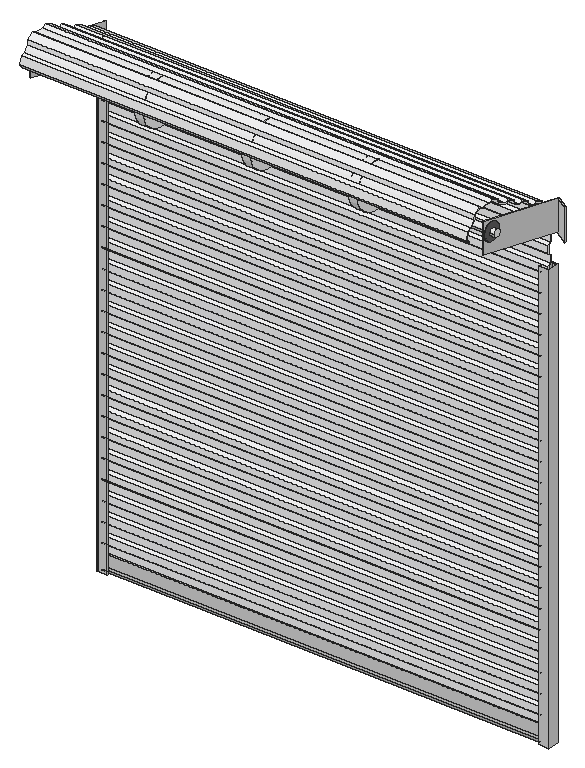
Revit family "Doors_Industrial_Wayne-Dalton_Light-Commercial-Roll-up-Door-Model-DS-100_", category Specialty Equipment, host Wall, Revit 2019 (continued)
Definition of nested family "Top Slat"
  Lines and regions (in)
    symbolic lines
      curve 24: line (-40, -4.04848, 0) -> (40, -4.04848, 0)
    symbolic lines, visible <- "H2"
      curve 25: line (-40, 13.99447, 0) -> (40, 13.99447, 0)
      curve 26: line (-40, 13.05417, 0) -> (40, 13.05417, 0)
      curve 27: line (40, 13.15169, 0) -> (-40, 13.15169, 0)
      curve 28: line (-40, 11.86627, 0) -> (40, 11.86627, 0)
    symbolic lines, visible <- "H3"
      curve 29: line (40, 15.07359, 0) -> (-40, 15.07359, 0)
      curve 30: line (-40, 14.50531, 0) -> (40, 14.50531, 0)
      curve 31: line (-40, 14.35979, 0) -> (40, 14.35979, 0)
      curve 32: line (-40, 12.75531, 0) -> (40, 12.75531, 0)
      curve 33: line (-40, 12.60979, 0) -> (40, 12.60979, 0)
  Dimensions and locks (in)
    equal spacing: plane 4, plane 3 "Center (Left/Right)", plane 5
    "Opening Width": plane 4 to plane 5
    locked: curve 1 to curve 1 at 15
    locked: curve 2 to curve 2 at 15
    locked: curve 3 to curve 3 at 15
    "Offset 2": curve 2 to curve 1
    "Offset 1": curve 3 to curve 2
    "Primar Offset": curve 3 to level
    locked: level to curve 4 at 2.14106
    locked: Extrusion 2 sketch curve to Extrusion 2 sketch curve at 0.04825
    locked: plane 6 to plane 1 "Center (Front/Back)" at 4.39453
    "Headroom Width": plane 7 to plane 6
    locked: plane 7 to plane 8 at 1
    locked: Extrusion 3 sketch curve to Extrusion 3 sketch curve at 0.03956
    locked: Extrusion 3 sketch curve to Extrusion 3 sketch curve at 0.04  (x3)
    locked: Extrusion 4 sketch curve to Extrusion 4 sketch curve at 0.04825
    locked: Extrusion 4 sketch curve to Extrusion 4 sketch curve at 0.048
    locked: curve 4 to Extrusion 3 sketch curve at 0.00045
    locked: curve 4 to Extrusion 1 sketch curve at 0
    locked: curve 4 to Extrusion 1 sketch curve at 0.02514
    locked: curve 4 to Extrusion 2 sketch curve at 0
    locked: curve 4 to Extrusion 2 sketch curve at 0.0298
    locked: curve 4 to Extrusion 3 sketch curve at 0.0265
    locked: curve 4 to Extrusion 4 sketch curve at 0
    curve 4 to Extrusion 4 sketch curve = 0.03078"
    locked: Extrusion 5 sketch curve to Extrusion 5 sketch curve at 0.03956
    locked: Extrusion 5 sketch curve to Extrusion 5 sketch curve at 0.04  (x3)
    locked: Extrusion 6 sketch curve to Extrusion 6 sketch curve at 0.04825
    locked: Extrusion 6 sketch curve to Extrusion 6 sketch curve at 0.048
    locked: curve 4 to Extrusion 5 sketch curve at 0.00045
    locked: curve 4 to Extrusion 5 sketch curve at 0.0265
    locked: curve 4 to Extrusion 6 sketch curve at 0
    locked: curve 4 to Extrusion 6 sketch curve at 0.03123
    aligned and locked: plane 2 to level
    aligned and locked: plane 4 to Extrusion 1
    aligned and locked: plane 5 to Extrusion 1
    aligned and locked: plane 1 "Center (Front/Back)" to curve 1
    aligned and locked: plane 1 "Center (Front/Back)" to curve 2
    aligned and locked: plane 1 "Center (Front/Back)" to curve 3
    aligned and locked: curve 1 to Extrusion 1 sketch curve
    aligned and locked: plane 4 to Extrusion 2
    aligned and locked: plane 5 to Extrusion 2
    aligned and locked: Extrusion 2 sketch curve to Extrusion 2 sketch curve  (x4)
    aligned and locked: Masking region 1 sketch curve to plane 4
    aligned and locked: plane 5 to Masking region 1 sketch curve
    aligned and locked: curve 1 to Extrusion 2 sketch curve
    aligned and locked: curve 5 to plane 1 "Center (Front/Back)"
    aligned and locked: level to curve 5
    aligned and locked: plane 8 to Masking region 1 sketch curve
    aligned and locked: Masking region 1 sketch curve to plane 6
    aligned and locked: Extrusion 1 sketch curve to Extrusion 1 sketch curve  (x2)
    aligned and locked: Extrusion 4 sketch curve to Extrusion 4 sketch curve  (x4)
    aligned and locked: Extrusion 3 sketch curve to Extrusion 3 sketch curve  (x4)
    aligned and locked: curve 1 to Extrusion 3 sketch curve
    aligned and locked: curve 1 to Extrusion 4 sketch curve
    aligned and locked: plane 4 to curve 6
    aligned and locked: plane 4 to curve 7
    aligned and locked: plane 4 to curve 8
    aligned and locked: plane 4 to curve 9
    aligned and locked: plane 4 to curve 10
    aligned and locked: plane 4 to curve 11
    aligned and locked: plane 4 to curve 13
    aligned and locked: plane 4 to curve 12
    aligned and locked: plane 4 to curve 14
    aligned and locked: plane 4 to curve 15
    aligned and locked: plane 4 to curve 17
    aligned and locked: plane 4 to curve 16
    aligned and locked: plane 4 to curve 18
    aligned and locked: plane 4 to curve 20
    aligned and locked: plane 4 to curve 21
    aligned and locked: plane 4 to curve 22
    aligned and locked: plane 4 to curve 23
    aligned and locked: plane 4 to curve 24
    aligned and locked: plane 5 to curve 6
    aligned and locked: plane 5 to curve 7
    aligned and locked: plane 5 to curve 8
    aligned and locked: plane 5 to curve 9
    aligned and locked: plane 5 to curve 10
    aligned and locked: plane 5 to curve 11
    aligned and locked: plane 5 to curve 13
    aligned and locked: plane 5 to curve 12
    aligned and locked: plane 5 to curve 14
    aligned and locked: plane 5 to curve 15
    aligned and locked: plane 5 to curve 17
    aligned and locked: plane 5 to curve 16
    aligned and locked: plane 5 to curve 18
    aligned and locked: plane 5 to curve 19
    aligned and locked: plane 5 to curve 20
    aligned and locked: plane 5 to curve 21
    aligned and locked: plane 5 to curve 22
    aligned and locked: plane 5 to curve 23
    aligned and locked: plane 5 to curve 24
    aligned and locked: plane 4 to curve 28
    aligned and locked: plane 4 to curve 27
    aligned and locked: plane 4 to curve 26
    aligned and locked: plane 4 to curve 25
    aligned and locked: plane 5 to curve 25
    aligned and locked: plane 5 to curve 27
    aligned and locked: plane 5 to curve 26
    aligned and locked: plane 5 to curve 28
    aligned and locked: Extrusion 6 sketch curve to Extrusion 6 sketch curve  (x2)
    aligned and locked: Extrusion 5 sketch curve to Extrusion 5 sketch curve  (x4)
    aligned and locked: curve 1 to Extrusion 5 sketch curve
    aligned and locked: curve 1 to Extrusion 6 sketch curve
    aligned and locked: plane 4 to curve 29
    aligned and locked: plane 4 to curve 31
    aligned and locked: plane 4 to curve 30
    aligned and locked: plane 5 to curve 29
    aligned and locked: plane 5 to curve 31
    aligned and locked: plane 5 to curve 30
    aligned and locked: plane 4 to curve 33
    aligned and locked: plane 4 to curve 32
    aligned and locked: plane 5 to curve 33
    aligned and locked: plane 5 to curve 32
    aligned and locked: plane 4 to Extrusion 6
    aligned and locked: plane 5 to Extrusion 6
    aligned and locked: plane 4 to Extrusion 4
    aligned and locked: plane 5 to Extrusion 4
    aligned and locked: plane 4 to Extrusion 5
    aligned and locked: plane 5 to Extrusion 5
    aligned and locked: plane 4 to Extrusion 3
    aligned and locked: plane 5 to Extrusion 3
  Automatic sketch dimensions
    Extrusion 1 sketch curve to Extrusion 1 sketch curve = 0"  (x12)
    Extrusion 1 sketch curve to curve 5 = 0"  (x2)
    Extrusion 1 sketch curve to Extrusion 1 sketch curve = 0.56497"
    Extrusion 1 sketch curve to Extrusion 1 sketch curve = 0.0272"  (x6)
    Extrusion 1 sketch curve to Extrusion 1 sketch curve = 0.64574"
    Extrusion 1 sketch curve to curve 5 = 0.68277"
    Extrusion 1 sketch curve to Extrusion 1 sketch curve = 0.04488"  (x5)
    Extrusion 1 sketch curve to curve 5 = 0.3569"
    Extrusion 1 sketch curve to curve 5 = 0.32769"
    Extrusion 1 sketch curve to Extrusion 1 sketch curve = 0.01699"
    Extrusion 1 sketch curve to curve 5 = 0.12471"
    curve 5 to Extrusion 1 sketch curve = 0.19682"
    Extrusion 1 sketch curve to Extrusion 1 sketch curve = 0.01215"
    curve 5 to Extrusion 1 sketch curve = 0.55172"
    curve 5 to Extrusion 1 sketch curve = 0.7721"
    Extrusion 1 sketch curve to Extrusion 1 sketch curve = 0.28098"
    Extrusion 1 sketch curve to Extrusion 1 sketch curve = 0.51318"
    Extrusion 1 sketch curve to Extrusion 1 sketch curve = 1.23493"
    Extrusion 1 sketch curve to Extrusion 1 sketch curve = 0.02782"
    Extrusion 1 sketch curve to Extrusion 1 sketch curve = 0.29567"
    Extrusion 1 sketch curve to Extrusion 1 sketch curve = 0.0306"
    Extrusion 1 sketch curve to Extrusion 1 sketch curve = 0.64923"
    Extrusion 1 sketch curve to Extrusion 1 sketch curve = 0.20776"
    Extrusion 1 sketch curve to Extrusion 1 sketch curve = 0.04464"
    Extrusion 1 sketch curve to Extrusion 1 sketch curve = 0.29385"
    Extrusion 1 sketch curve to Extrusion 1 sketch curve = 0.89389"
    Extrusion 1 sketch curve to Extrusion 1 sketch curve = 0.01825"
    Extrusion 1 sketch curve to Extrusion 1 sketch curve = 0.62408"
    Extrusion 1 sketch curve to Extrusion 1 sketch curve = 0.02793"  (x2)
    Extrusion 1 sketch curve to Extrusion 1 sketch curve = 0.68424"
    Extrusion 1 sketch curve to Extrusion 1 sketch curve = 0.02485"
    Extrusion 1 sketch curve to Extrusion 1 sketch curve = 0.66535"
    Extrusion 1 sketch curve to curve 5 = 0.8781"
    Extrusion 1 sketch curve to Extrusion 1 sketch curve = 0.32341"
    Extrusion 1 sketch curve to curve 5 = 0.87393"
    Extrusion 1 sketch curve to Extrusion 1 sketch curve = 0.04208"
    curve 5 to Extrusion 1 sketch curve = 0.56257"
    curve 5 to Extrusion 1 sketch curve = 0.55484"
    Extrusion 1 sketch curve to Extrusion 1 sketch curve = 0.25252"
    Extrusion 1 sketch curve to Extrusion 1 sketch curve = 0.04485"  (x2)
    Extrusion 1 sketch curve to Extrusion 1 sketch curve = 0.30641"
    Extrusion 1 sketch curve to Extrusion 1 sketch curve = 0.62143"
    Extrusion 1 sketch curve to Extrusion 1 sketch curve = 0.00194"
    Extrusion 1 sketch curve to Extrusion 1 sketch curve = 1.14573"
    Extrusion 1 sketch curve to Extrusion 1 sketch curve = 9/256"  (x2)
    Extrusion 1 sketch curve to Extrusion 1 sketch curve = 0.14076"
    Extrusion 1 sketch curve to Extrusion 1 sketch curve = 1.42922"
    Extrusion 1 sketch curve to Extrusion 1 sketch curve = 0.00147"
    Extrusion 1 sketch curve to Extrusion 1 sketch curve = 0.62927"
    Extrusion 1 sketch curve to Extrusion 1 sketch curve = 0.00101"  (x5)
    Extrusion 1 sketch curve to Extrusion 1 sketch curve = 1.13468"
    Extrusion 1 sketch curve to Extrusion 1 sketch curve = 0.03571"  (x6)
    Extrusion 1 sketch curve to Extrusion 1 sketch curve = 0.12285"
    Extrusion 1 sketch curve to curve 5 = 6.97507"
    Extrusion 1 sketch curve to Extrusion 1 sketch curve = 0.60537"
    Extrusion 1 sketch curve to curve 5 = 8.71613"
    Extrusion 1 sketch curve to Extrusion 1 sketch curve = 0.12221"
    Extrusion 1 sketch curve to Extrusion 1 sketch curve = 1.17357"
    Extrusion 1 sketch curve to Extrusion 1 sketch curve = 0.04"
    Extrusion 1 sketch curve to Extrusion 1 sketch curve = 0.64734"
    Extrusion 1 sketch curve to Extrusion 1 sketch curve = 0.00187"
    Extrusion 1 sketch curve to Extrusion 1 sketch curve = 1.09725"
    Extrusion 1 sketch curve to Extrusion 1 sketch curve = 0.03739"
    Extrusion 1 sketch curve to Extrusion 1 sketch curve = 0.08141"
    Extrusion 1 sketch curve to Extrusion 1 sketch curve = 0.03815"
    curve 5 to Extrusion 1 sketch curve = 3.78025"
    Extrusion 1 sketch curve to Extrusion 1 sketch curve = 0.03876"
    Extrusion 1 sketch curve to Extrusion 1 sketch curve = 0.61348"
    Extrusion 1 sketch curve to Extrusion 1 sketch curve = 0.03523"
    curve 5 to Extrusion 1 sketch curve = 4.25989"
    Extrusion 1 sketch curve to Extrusion 1 sketch curve = 0.04322"
    level to curve 5 = 5 3/4"
    curve 4 to plane 1 "Center (Front/Back)" = 11.033"
    curve 4 to curve 4 = 2 1/2"
    Extrusion 4 sketch curve to Extrusion 4 sketch curve = 0"  (x65)
    Extrusion 4 sketch curve to Extrusion 4 sketch curve = 0.32225"
    Extrusion 4 sketch curve to Extrusion 4 sketch curve = 0.06012"  (x4)
    Extrusion 4 sketch curve to Extrusion 4 sketch curve = 0.07517"  (x4)
    Extrusion 4 sketch curve to Extrusion 4 sketch curve = 0.08333"  (x3)
    Extrusion 4 sketch curve to Extrusion 4 sketch curve = 0.57278"  (x3)
    Extrusion 4 sketch curve to Extrusion 4 sketch curve = 0.02213"  (x2)
    Extrusion 4 sketch curve to Extrusion 4 sketch curve = 0.02726"  (x2)
    Extrusion 4 sketch curve to curve 5 = 0.6899"
    Extrusion 4 sketch curve to Extrusion 4 sketch curve = 0.04171"
    Extrusion 4 sketch curve to Extrusion 4 sketch curve = 0.1473"
    Extrusion 4 sketch curve to curve 5 = 0.47706"
    Extrusion 4 sketch curve to curve 5 = 0.25844"
    curve 5 to Extrusion 4 sketch curve = 0.25167"
    curve 5 to Extrusion 4 sketch curve = 0.31434"
    curve 5 to Extrusion 4 sketch curve = 0.47214"
    curve 5 to Extrusion 4 sketch curve = 0.87639"
    Extrusion 4 sketch curve to curve 5 = 0.21948"
    Extrusion 4 sketch curve to Extrusion 4 sketch curve = 0.52428"
    Extrusion 4 sketch curve to Extrusion 4 sketch curve = 0.78914"
    curve 5 to Extrusion 4 sketch curve = 1.42761"
    Extrusion 4 sketch curve to Extrusion 4 sketch curve = 0.04685"  (x2)
    Extrusion 4 sketch curve to Extrusion 4 sketch curve = 0.02465"
    Extrusion 4 sketch curve to Extrusion 4 sketch curve = 0.54359"
    Extrusion 4 sketch curve to Extrusion 4 sketch curve = 1.72645"
    Extrusion 4 sketch curve to Extrusion 4 sketch curve = 0.2369"
    curve 5 to Extrusion 4 sketch curve = 0.89292"
    Extrusion 4 sketch curve to curve 5 = 2.14049"
    Extrusion 4 sketch curve to Extrusion 4 sketch curve = 0.00006"  (x2)
    Extrusion 4 sketch curve to Extrusion 4 sketch curve = 0.67367"
    Extrusion 4 sketch curve to Extrusion 4 sketch curve = 0.07679"
    Extrusion 4 sketch curve to Extrusion 4 sketch curve = 0.0002"
    curve 5 to Extrusion 4 sketch curve = 0.20782"
    Extrusion 4 sketch curve to Extrusion 4 sketch curve = 0.44787"
    Extrusion 4 sketch curve to Extrusion 4 sketch curve = 0.00003"
    Extrusion 4 sketch curve to Extrusion 4 sketch curve = 0.00002"
    Extrusion 4 sketch curve to Extrusion 4 sketch curve = 0.8149"
    Extrusion 4 sketch curve to curve 5 = 1.70852"
    Extrusion 4 sketch curve to Extrusion 4 sketch curve = 1.59541"
    Extrusion 4 sketch curve to Extrusion 4 sketch curve = 0.58475"  (x3)
    Extrusion 4 sketch curve to Extrusion 4 sketch curve = 0.81429"  (x2)
    Extrusion 4 sketch curve to Extrusion 4 sketch curve = 0.12675"  (x4)
    Extrusion 4 sketch curve to Extrusion 4 sketch curve = 0.01454"
    Extrusion 4 sketch curve to Extrusion 4 sketch curve = 1.1591"
    Extrusion 4 sketch curve to Extrusion 4 sketch curve = 0.06107"
    Extrusion 4 sketch curve to Extrusion 4 sketch curve = 0.12885"
    Extrusion 4 sketch curve to Extrusion 4 sketch curve = 0.13884"  (x2)
    Extrusion 4 sketch curve to curve 5 = 9.66331"
    curve 5 to Extrusion 4 sketch curve = 0.9045"
    Extrusion 4 sketch curve to curve 5 = 1.72614"
    Extrusion 4 sketch curve to Extrusion 4 sketch curve = 0.46495"
    Extrusion 4 sketch curve to Extrusion 4 sketch curve = 0.78351"
    curve 5 to Extrusion 4 sketch curve = 3.70979"
    Extrusion 4 sketch curve to Extrusion 4 sketch curve = 0.21738"
    curve 5 to Extrusion 4 sketch curve = 3.98138"
    Extrusion 4 sketch curve to Extrusion 4 sketch curve = 0.04611"
    Extrusion 4 sketch curve to Extrusion 4 sketch curve = 0.00428"
    Extrusion 4 sketch curve to Extrusion 4 sketch curve = 0.14729"
    Extrusion 4 sketch curve to Extrusion 4 sketch curve = 0.03776"
    Extrusion 4 sketch curve to Extrusion 4 sketch curve = 0.15976"
    Extrusion 4 sketch curve to Extrusion 4 sketch curve = 0.06672"
    Extrusion 4 sketch curve to Extrusion 4 sketch curve = 0.0151"
    Extrusion 4 sketch curve to Extrusion 4 sketch curve = 0.08442"
    Extrusion 4 sketch curve to Extrusion 4 sketch curve = 0.05052"
    Extrusion 4 sketch curve to Extrusion 4 sketch curve = 9/128"
    Extrusion 4 sketch curve to Extrusion 4 sketch curve = 0.02074"
    Extrusion 5 sketch curve to Extrusion 5 sketch curve = 0"  (x6)
    Extrusion 5 sketch curve to curve 5 = 0"  (x2)
    Extrusion 5 sketch curve to Extrusion 5 sketch curve = 0.25358"
    Extrusion 5 sketch curve to Extrusion 5 sketch curve = 0.02845"
    Extrusion 5 sketch curve to Extrusion 5 sketch curve = 0.56623"
    Extrusion 5 sketch curve to Extrusion 5 sketch curve = 0.02929"  (x6)
    Extrusion 5 sketch curve to curve 5 = 1.17672"
    Extrusion 5 sketch curve to Extrusion 5 sketch curve = 0.04495"  (x8)
    Extrusion 5 sketch curve to curve 5 = 1.07672"
    Extrusion 5 sketch curve to Extrusion 5 sketch curve = 0.02458"
    Extrusion 5 sketch curve to Extrusion 5 sketch curve = 0.31664"
    Extrusion 5 sketch curve to curve 5 = 0.68918"
    Extrusion 5 sketch curve to curve 5 = 0.65858"
    Extrusion 5 sketch curve to Extrusion 5 sketch curve = 0.021"
    Extrusion 5 sketch curve to curve 5 = 0.02133"
    curve 5 to Extrusion 5 sketch curve = 0.00796"
    curve 5 to Extrusion 5 sketch curve = 0.0943"
    curve 5 to Extrusion 5 sketch curve = 0.45588"
    curve 5 to Extrusion 5 sketch curve = 0.58183"
    curve 5 to Extrusion 5 sketch curve = 0.62174"
    Extrusion 5 sketch curve to Extrusion 5 sketch curve = 0.0203"
    Extrusion 5 sketch curve to Extrusion 5 sketch curve = 0.41693"
    Extrusion 5 sketch curve to Extrusion 5 sketch curve = 0.02422"
    Extrusion 5 sketch curve to Extrusion 5 sketch curve = 0.63856"  (x2)
    curve 5 to Extrusion 5 sketch curve = 1.35131"
    Extrusion 5 sketch curve to Extrusion 5 sketch curve = 0.33064"
    Extrusion 5 sketch curve to Extrusion 5 sketch curve = 0.44259"
    Extrusion 5 sketch curve to Extrusion 5 sketch curve = 1.01464"
    Extrusion 5 sketch curve to Extrusion 5 sketch curve = 0.00974"
    Extrusion 5 sketch curve to Extrusion 5 sketch curve = 0.10163"
    Extrusion 5 sketch curve to Extrusion 5 sketch curve = 0.69497"
    Extrusion 5 sketch curve to Extrusion 5 sketch curve = 0.01661"
    Extrusion 5 sketch curve to Extrusion 5 sketch curve = 0.37559"
    Extrusion 5 sketch curve to Extrusion 5 sketch curve = 0.70523"
    Extrusion 5 sketch curve to Extrusion 5 sketch curve = 0.6612"
    Extrusion 5 sketch curve to Extrusion 5 sketch curve = 0.04208"
    Extrusion 5 sketch curve to Extrusion 5 sketch curve = 0.11952"
    Extrusion 5 sketch curve to Extrusion 5 sketch curve = 0.0436"
    Extrusion 5 sketch curve to curve 5 = 0.19034"
    Extrusion 5 sketch curve to Extrusion 5 sketch curve = 0.30271"
    Extrusion 5 sketch curve to curve 5 = 0.20685"
    Extrusion 5 sketch curve to Extrusion 5 sketch curve = 0.03919"
    Extrusion 5 sketch curve to Extrusion 5 sketch curve = 0.65175"
    Extrusion 5 sketch curve to Extrusion 5 sketch curve = 0.03433"
    curve 5 to Extrusion 5 sketch curve = 0.34432"
    Extrusion 5 sketch curve to Extrusion 5 sketch curve = 0.42367"
    curve 5 to Extrusion 5 sketch curve = 0.33302"
    Extrusion 5 sketch curve to Extrusion 5 sketch curve = 0.04371"
    Extrusion 5 sketch curve to Extrusion 5 sketch curve = 1.22646"
    Extrusion 5 sketch curve to Extrusion 5 sketch curve = 0.02893"
    Extrusion 5 sketch curve to Extrusion 5 sketch curve = 0.27509"
    Extrusion 5 sketch curve to Extrusion 5 sketch curve = 1.37271"
    Extrusion 5 sketch curve to Extrusion 5 sketch curve = 0.60317"
    Extrusion 5 sketch curve to Extrusion 5 sketch curve = 0.00421"  (x5)
    Extrusion 5 sketch curve to Extrusion 5 sketch curve = 1.1654"
    Extrusion 5 sketch curve to Extrusion 5 sketch curve = 0.03402"  (x4)
    Extrusion 5 sketch curve to Extrusion 5 sketch curve = 0.16319"
    Extrusion 5 sketch curve to Extrusion 5 sketch curve = 1.15237"
    Extrusion 5 sketch curve to Extrusion 5 sketch curve = 0.60738"
    Extrusion 5 sketch curve to curve 5 = 8.11793"
    Extrusion 5 sketch curve to curve 5 = 8.28112"
    Extrusion 5 sketch curve to curve 5 = 9.46751"
    Extrusion 5 sketch curve to curve 5 = 10.05225"
    Extrusion 5 sketch curve to Extrusion 5 sketch curve = 0.68449"
    Extrusion 5 sketch curve to Extrusion 5 sketch curve = 0.01071"
    Extrusion 5 sketch curve to Extrusion 5 sketch curve = 0.89424"
    Extrusion 5 sketch curve to Extrusion 5 sketch curve = 0.0414"
    Extrusion 5 sketch curve to Extrusion 5 sketch curve = 0.01772"
    Extrusion 5 sketch curve to Extrusion 5 sketch curve = 0.04198"
    curve 5 to Extrusion 5 sketch curve = 3.64415"
    Extrusion 5 sketch curve to Extrusion 5 sketch curve = 0.03501"
    curve 5 to Extrusion 5 sketch curve = 4.21708"
    curve 5 to Extrusion 5 sketch curve = 4.21953"
    Extrusion 5 sketch curve to Extrusion 5 sketch curve = 0.03996"
    Extrusion 5 sketch curve to Extrusion 5 sketch curve = 0.04004"
    Extrusion 5 sketch curve to Extrusion 5 sketch curve = 0.02615"
    Extrusion 5 sketch curve to Extrusion 5 sketch curve = 0.03238"
    Extrusion 6 sketch curve to Extrusion 6 sketch curve = 0"  (x65)
    Extrusion 6 sketch curve to Extrusion 6 sketch curve = 0.21115"
    Extrusion 6 sketch curve to Extrusion 6 sketch curve = 0.06115"
    Extrusion 6 sketch curve to Extrusion 6 sketch curve = 0.06274"
    Extrusion 6 sketch curve to Extrusion 6 sketch curve = 0.05852"  (x3)
    Extrusion 6 sketch curve to Extrusion 6 sketch curve = 0.55472"  (x4)
    Extrusion 6 sketch curve to Extrusion 6 sketch curve = 0.0162"
    Extrusion 6 sketch curve to Extrusion 6 sketch curve = 0.02893"  (x2)
    Extrusion 6 sketch curve to curve 5 = 0.68287"
    Extrusion 6 sketch curve to Extrusion 6 sketch curve = 0.05965"  (x4)
    Extrusion 6 sketch curve to Extrusion 6 sketch curve = 0.07128"  (x4)
    Extrusion 6 sketch curve to curve 5 = 0.49342"
    Extrusion 6 sketch curve to curve 5 = 0.048"
    curve 5 to Extrusion 6 sketch curve = 0.0613"
    curve 5 to Extrusion 6 sketch curve = 0.07751"
    curve 5 to Extrusion 6 sketch curve = 0.44378"
    curve 5 to Extrusion 6 sketch curve = 0.58215"
    curve 5 to Extrusion 6 sketch curve = 0.75005"
    curve 5 to Extrusion 6 sketch curve = 0.7716"
    curve 5 to Extrusion 6 sketch curve = 0.89122"
    Extrusion 6 sketch curve to Extrusion 6 sketch curve = 0.04105"  (x2)
    Extrusion 6 sketch curve to Extrusion 6 sketch curve = 0.0265"
    Extrusion 6 sketch curve to Extrusion 6 sketch curve = 0.59945"
    Extrusion 6 sketch curve to Extrusion 6 sketch curve = 0.50807"
    Extrusion 6 sketch curve to Extrusion 6 sketch curve = 0.81618"
    Extrusion 6 sketch curve to Extrusion 6 sketch curve = 0.05911"
    Extrusion 6 sketch curve to Extrusion 6 sketch curve = 0.48157"
    Extrusion 6 sketch curve to curve 5 = 1.04769"
    Extrusion 6 sketch curve to curve 5 = 2.18234"
    Extrusion 6 sketch curve to Extrusion 6 sketch curve = 0.00007"
    Extrusion 6 sketch curve to Extrusion 6 sketch curve = 0.04158"
    Extrusion 6 sketch curve to Extrusion 6 sketch curve = 0.00002"
    Extrusion 6 sketch curve to curve 5 = 0.38253"
    Extrusion 6 sketch curve to Extrusion 6 sketch curve = 0.47698"
    Extrusion 6 sketch curve to Extrusion 6 sketch curve = 0.0002"
    curve 5 to Extrusion 6 sketch curve = 0.2457"
    curve 5 to Extrusion 6 sketch curve = 1.44084"
    Extrusion 6 sketch curve to Extrusion 6 sketch curve = 0.6019"  (x3)
    Extrusion 6 sketch curve to Extrusion 6 sketch curve = 0.81644"  (x3)
    Extrusion 6 sketch curve to Extrusion 6 sketch curve = 0.12898"  (x4)
    Extrusion 6 sketch curve to Extrusion 6 sketch curve = 0.01636"  (x3)
    Extrusion 6 sketch curve to Extrusion 6 sketch curve = 1.23539"
    Extrusion 6 sketch curve to Extrusion 6 sketch curve = 0.13499"
    Extrusion 6 sketch curve to Extrusion 6 sketch curve = 1.1751"
    Extrusion 6 sketch curve to Extrusion 6 sketch curve = 0.06029"
    Extrusion 6 sketch curve to Extrusion 6 sketch curve = 0.13097"
    Extrusion 6 sketch curve to curve 5 = 7.90686"
    Extrusion 6 sketch curve to curve 5 = 8.7233"
    Extrusion 6 sketch curve to curve 5 = 10.03582"
    Extrusion 6 sketch curve to Extrusion 6 sketch curve = 0.05466"
    Extrusion 6 sketch curve to curve 5 = 10.23076"
    Extrusion 6 sketch curve to curve 5 = 10.83267"
    Extrusion 6 sketch curve to Extrusion 6 sketch curve = 0.14028"
    Extrusion 6 sketch curve to Extrusion 6 sketch curve = 0.13334"
    Extrusion 6 sketch curve to Extrusion 6 sketch curve = 0.00005"
    Extrusion 6 sketch curve to curve 5 = 0.6917"
    curve 5 to Extrusion 6 sketch curve = 1.01918"
    Extrusion 6 sketch curve to Extrusion 6 sketch curve = 0.81747"
    Extrusion 6 sketch curve to Extrusion 6 sketch curve = 1.47915"
    Extrusion 6 sketch curve to Extrusion 6 sketch curve = 0.06212"
    Extrusion 6 sketch curve to Extrusion 6 sketch curve = 0.55737"
    Extrusion 6 sketch curve to curve 5 = 0.95042"
    Extrusion 6 sketch curve to Extrusion 6 sketch curve = 0.04904"
    Extrusion 6 sketch curve to Extrusion 6 sketch curve = 0.19488"
    Extrusion 6 sketch curve to Extrusion 6 sketch curve = 0.05692"
    Extrusion 6 sketch curve to Extrusion 6 sketch curve = 0.10792"
    Extrusion 6 sketch curve to Extrusion 6 sketch curve = 0.03534"
    Extrusion 6 sketch curve to Extrusion 6 sketch curve = 0.13703"
    Extrusion 6 sketch curve to Extrusion 6 sketch curve = 0.01568"
    Extrusion 6 sketch curve to Extrusion 6 sketch curve = 0.02747"
    Extrusion 6 sketch curve to Extrusion 6 sketch curve = 0.11221"
    Extrusion 6 sketch curve to Extrusion 6 sketch curve = 0.06329"
    Extrusion 6 sketch curve to Extrusion 6 sketch curve = 0.0315"
    Extrusion 2 sketch curve to Extrusion 2 sketch curve = 0"  (x57)
    Extrusion 2 sketch curve to Extrusion 2 sketch curve = 0.3622"
    Extrusion 2 sketch curve to Extrusion 2 sketch curve = 0.06052"  (x4)
    Extrusion 2 sketch curve to Extrusion 2 sketch curve = 0.07889"  (x4)
    Extrusion 2 sketch curve to Extrusion 2 sketch curve = 0.10741"  (x3)
    Extrusion 2 sketch curve to Extrusion 2 sketch curve = 151/256"  (x3)
    Extrusion 2 sketch curve to Extrusion 2 sketch curve = 0.02787"  (x2)
    Extrusion 2 sketch curve to Extrusion 2 sketch curve = 0.0256"  (x2)
    Extrusion 2 sketch curve to curve 5 = 0.35297"
    Extrusion 2 sketch curve to curve 5 = 0.10615"
    curve 5 to Extrusion 2 sketch curve = 0.16941"
    curve 5 to Extrusion 2 sketch curve = 0.4837"
    curve 5 to Extrusion 2 sketch curve = 0.65577"
    Extrusion 2 sketch curve to Extrusion 2 sketch curve = 0.71036"
    curve 5 to Extrusion 2 sketch curve = 1.08535"
    curve 5 to Extrusion 2 sketch curve = 1.71222"
    Extrusion 2 sketch curve to Extrusion 2 sketch curve = 0.05246"
    Extrusion 2 sketch curve to Extrusion 2 sketch curve = 0.02284"
    Extrusion 2 sketch curve to Extrusion 2 sketch curve = 0.46749"
    Extrusion 2 sketch curve to Extrusion 2 sketch curve = 0.57726"
    Extrusion 2 sketch curve to Extrusion 2 sketch curve = 0.7844"
    Extrusion 2 sketch curve to curve 5 = 0.2666"
    Extrusion 2 sketch curve to curve 5 = 2.04125"
    Extrusion 2 sketch curve to Extrusion 2 sketch curve = 0.00007"
    Extrusion 2 sketch curve to Extrusion 2 sketch curve = 0.21414"
    Extrusion 2 sketch curve to Extrusion 2 sketch curve = 0.00002"
    curve 5 to Extrusion 2 sketch curve = 0.48466"
    Extrusion 2 sketch curve to Extrusion 2 sketch curve = 0.32493"
    Extrusion 2 sketch curve to Extrusion 2 sketch curve = 0.00021"
    Extrusion 2 sketch curve to Extrusion 2 sketch curve = 1.93887"
    Extrusion 2 sketch curve to Extrusion 2 sketch curve = 0.56753"  (x3)
    Extrusion 2 sketch curve to Extrusion 2 sketch curve = 0.81146"  (x2)
    Extrusion 2 sketch curve to Extrusion 2 sketch curve = 0.12447"  (x4)
    Extrusion 2 sketch curve to Extrusion 2 sketch curve = 0.01276"  (x2)
    Extrusion 2 sketch curve to Extrusion 2 sketch curve = 1.14167"
    Extrusion 2 sketch curve to Extrusion 2 sketch curve = 0.06177"
    Extrusion 2 sketch curve to Extrusion 2 sketch curve = 0.12668"
    Extrusion 2 sketch curve to Extrusion 2 sketch curve = 0.13732"  (x2)
    Extrusion 2 sketch curve to curve 5 = 8.682"
    curve 5 to Extrusion 2 sketch curve = 0.37452"
    Extrusion 2 sketch curve to curve 5 = 0.51674"
    curve 5 to Extrusion 2 sketch curve = 1.00615"
    Extrusion 2 sketch curve to Extrusion 2 sketch curve = 0.79002"
    Extrusion 2 sketch curve to Extrusion 2 sketch curve = 1.72189"
    Extrusion 2 sketch curve to Extrusion 2 sketch curve = 0.23393"
    Extrusion 2 sketch curve to Extrusion 2 sketch curve = 0.6719"
    Extrusion 2 sketch curve to curve 5 = 0.0826"
    Extrusion 2 sketch curve to curve 5 = 0.03782"
    Extrusion 2 sketch curve to Extrusion 2 sketch curve = 0.18683"
    Extrusion 2 sketch curve to Extrusion 2 sketch curve = 0.06302"
    Extrusion 2 sketch curve to Extrusion 2 sketch curve = 0.08417"
    Extrusion 2 sketch curve to Extrusion 2 sketch curve = 0.02756"
    Extrusion 2 sketch curve to Extrusion 2 sketch curve = 0.1224"
    Extrusion 2 sketch curve to Extrusion 2 sketch curve = 0.00089"
    Extrusion 2 sketch curve to Extrusion 2 sketch curve = 0.05801"
    Extrusion 2 sketch curve to Extrusion 2 sketch curve = 0.01729"
    Extrusion 2 sketch curve to Extrusion 2 sketch curve = 0.07565"
    Extrusion 2 sketch curve to Extrusion 2 sketch curve = 0.01266"
    Extrusion 3 sketch curve to Extrusion 3 sketch curve = 0"  (x10)
    Extrusion 3 sketch curve to curve 5 = 0"  (x2)
    Extrusion 3 sketch curve to Extrusion 3 sketch curve = 0.37899"
    Extrusion 3 sketch curve to Extrusion 3 sketch curve = 0.0281"  (x8)
    Extrusion 3 sketch curve to Extrusion 3 sketch curve = 0.59705"
    Extrusion 3 sketch curve to curve 5 = 0.96048"
    Extrusion 3 sketch curve to Extrusion 3 sketch curve = 0.04506"  (x7)
    Extrusion 3 sketch curve to curve 5 = 0.6193"
    Extrusion 3 sketch curve to curve 5 = 0.43212"
    curve 5 to Extrusion 3 sketch curve = 0.24097"
    curve 5 to Extrusion 3 sketch curve = 0.41696"
    Extrusion 3 sketch curve to Extrusion 3 sketch curve = 0.29611"
    curve 5 to Extrusion 3 sketch curve = 121/128"
    curve 5 to Extrusion 3 sketch curve = 1.0525"
    Extrusion 3 sketch curve to Extrusion 3 sketch curve = 0.00283"
    Extrusion 3 sketch curve to Extrusion 3 sketch curve = 0.64499"  (x2)
    Extrusion 3 sketch curve to Extrusion 3 sketch curve = 0.6592"
    Extrusion 3 sketch curve to Extrusion 3 sketch curve = 0.00357"
    Extrusion 3 sketch curve to Extrusion 3 sketch curve = 0.16278"
    Extrusion 3 sketch curve to Extrusion 3 sketch curve = 0.30933"
    Extrusion 3 sketch curve to Extrusion 3 sketch curve = 0.48329"
    Extrusion 3 sketch curve to Extrusion 3 sketch curve = 1.06624"
    Extrusion 3 sketch curve to Extrusion 3 sketch curve = 0.03854"
    Extrusion 3 sketch curve to Extrusion 3 sketch curve = 0.04753"
    Extrusion 3 sketch curve to Extrusion 3 sketch curve = 0.03899"
    Extrusion 3 sketch curve to Extrusion 3 sketch curve = 0.16989"
    Extrusion 3 sketch curve to Extrusion 3 sketch curve = 0.04725"
    Extrusion 3 sketch curve to Extrusion 3 sketch curve = 0.30004"
    Extrusion 3 sketch curve to Extrusion 3 sketch curve = 0.70132"
    Extrusion 3 sketch curve to Extrusion 3 sketch curve = 0.03263"
    curve 5 to Extrusion 3 sketch curve = 0.79277"
    Extrusion 3 sketch curve to Extrusion 3 sketch curve = 0.50947"
    curve 5 to Extrusion 3 sketch curve = 0.81463"
    Extrusion 3 sketch curve to Extrusion 3 sketch curve = 0.03621"
    Extrusion 3 sketch curve to Extrusion 3 sketch curve = 0.56671"
    Extrusion 3 sketch curve to Extrusion 3 sketch curve = 0.03847"
    curve 5 to Extrusion 3 sketch curve = 0.33862"
    Extrusion 3 sketch curve to Extrusion 3 sketch curve = 0.50619"
    curve 5 to Extrusion 3 sketch curve = 0.3562"
    Extrusion 3 sketch curve to Extrusion 3 sketch curve = 0.04131"
    Extrusion 3 sketch curve to Extrusion 3 sketch curve = 0.60373"
    Extrusion 3 sketch curve to Extrusion 3 sketch curve = 0.00265"  (x4)
    Extrusion 3 sketch curve to Extrusion 3 sketch curve = 1.14822"  (x2)
    Extrusion 3 sketch curve to Extrusion 3 sketch curve = 0.03501"  (x4)
    Extrusion 3 sketch curve to Extrusion 3 sketch curve = 0.14004"  (x2)
    Extrusion 3 sketch curve to Extrusion 3 sketch curve = 1.13539"
    Extrusion 3 sketch curve to Extrusion 3 sketch curve = 0.61999"
    Extrusion 3 sketch curve to curve 5 = 8.25668"
    Extrusion 3 sketch curve to Extrusion 3 sketch curve = 0.59687"
    Extrusion 3 sketch curve to curve 5 = 0.91773"
    Extrusion 3 sketch curve to Extrusion 3 sketch curve = 0.02362"
    Extrusion 3 sketch curve to Extrusion 3 sketch curve = 0.37538"
    Extrusion 3 sketch curve to Extrusion 3 sketch curve = 0.02728"
    Extrusion 3 sketch curve to Extrusion 3 sketch curve = 0.68944"
    Extrusion 3 sketch curve to Extrusion 3 sketch curve = 0.02302"
    curve 5 to Extrusion 3 sketch curve = 3.64323"
    Extrusion 3 sketch curve to Extrusion 3 sketch curve = 0.04244"
    Extrusion 3 sketch curve to Extrusion 3 sketch curve = 0.22079"
    Extrusion 3 sketch curve to Extrusion 3 sketch curve = 0.045"
    Extrusion 3 sketch curve to curve 5 = 0.10496"
    Extrusion 3 sketch curve to Extrusion 3 sketch curve = 0.04092"
    curve 19 to plane 4 = 0"
    plane 1 "Center (Front/Back)" to curve 24 = 4.04848"
    curve 24 to curve 23 = 0.64872"
    curve 23 to curve 22 = 0.74338"
    curve 22 to curve 21 = 1.13324"
    curve 21 to curve 20 = 0.64921"
    curve 19 to plane 1 "Center (Front/Back)" = 0.55413"
    curve 19 to curve 18 = 0.62164"
    curve 18 to curve 16 = 1.18331"
    curve 16 to curve 17 = 0.14209"
    curve 17 to curve 15 = 1.42145"
    curve 15 to curve 14 = 0.63522"
    curve 14 to curve 12 = 1.1719"
    curve 12 to curve 13 = 0.12285"
    curve 13 to curve 11 = 1.122"
    curve 11 to curve 10 = 0.60537"
    curve 10 to curve 9 = 1.1719"
    curve 9 to curve 8 = 1.24485"
    curve 8 to curve 7 = 0.60537"
    curve 7 to curve 6 = 1.1719"
    curve 6 to curve 28 = 0.09231"
    curve 28 to curve 33 = 0.74352"
    curve 33 to curve 32 = 0.14552"
    curve 32 to curve 26 = 0.29885"
    curve 26 to curve 27 = 0.09752"
    curve 27 to curve 25 = 0.84279"
    curve 25 to curve 31 = 0.36532"
    curve 31 to curve 30 = 0.14552"
    curve 30 to curve 29 = 0.56828"
